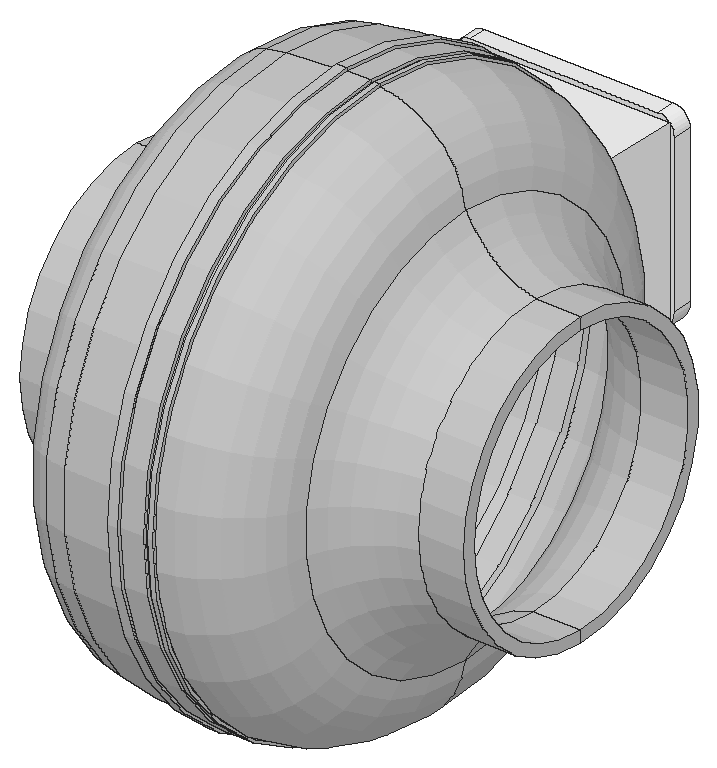
Revit family "CK 125 A AC_7000037", category Mechanical Equipment, Revit 2014
Parameters (values of type "CK 125 A AC")
  Wiring diagram = "4040002"
  Weight = 2.70 kg
  Voltage range = "220-240 / 50/60 V/Hz"
  Voltage = 230 V
  Speed = "1640 rpm"
  Sound pressure level at 3 m = "36 dB(A)"
  Power = 40 W
  Phase = 1
  Max. temperature of transported air when speed controlled = 60 °C
  Max. temperature of transported air = 60 °C
  Main Material = Steel, Galvanized
  Frequency = 50 Hz
  Elevation [instance] = 2721.5 mm
  Diameter = 124 mm
  Current = 0.18 A
  Capacitor = "3 μF"
Reference planes
  plane 1 "Center (Front/Back)": y = 0
  plane 2: z = 0
  plane 3 "Center (Left/Right)": x = 0
  plane 4: z = 2721.5
Dimensions and locks
  "Elevation": plane 2 to plane 4
  aligned and locked: level to plane 2
  aligned and locked: nested 1 to plane 4
  aligned and locked: plane 3 "Center (Left/Right)" to nested 1
  aligned and locked: plane 1 "Center (Front/Back)" to nested 2
  aligned and locked: plane 3 "Center (Left/Right)" to nested 2
Nested families
  nested 1: "CK 125 A AC_CK 125 C ACCK 125 C EC_geometry" at (0, 0, 2600), type "CK 125 A AC_CK 125 C ACCK 125 C EC_geometry"
  nested 2: "Flow direction symbol" at (0, 0, 0), type "Flow direction symbol"
Connectors
  hvac at (-94, 0, 2721.5), driven by "Diameter"
    settings: on nested 1, index 1, duct flow 0.0 L/s, flow factor 0, pres drop 0.0 Pa, loss coef 0, conn angle 0.00°, conn width 304.8 mm, conn height 304.8 mm, conn diameter 124 mm, duct sys type 1, conn prof type 0, flow config 0, flow direction 1, loss method 0, conn ref index -1, conn util no, is conn primary yes, conn desc ""
  hvac at (94, 0, 2721.5), driven by "Diameter"
    settings: on nested 1, index 2, duct flow 0.0 L/s, flow factor 0, pres drop 0.0 Pa, loss coef 0, conn angle 0.00°, conn width 304.8 mm, conn height 304.8 mm, conn diameter 124 mm, duct sys type 3, conn prof type 0, flow config 0, flow direction 2, loss method 0, conn ref index -1, conn util no, is conn primary no, conn desc ""
  electrical at (-34.442, 159.662, 2722.509), driven by "Phase", driven by "Voltage"
    settings: on nested 1, index 3, voltage 230 V, apparent load 0 VA, apparent load phase1 0 VA, apparent load phase2 0 VA, apparent load phase3 0 VA, power factor 1, load classification "Other", number of poles 1, system type 31, power factor state 1, is connector primary yes, connector utility no, sub classification motor no, connector description ""
Definition of nested family "CK 125 A AC_CK 125 C ACCK 125 C EC_geometry"
  Parameters (values of type "CK 125 A AC_CK 125 C ACCK 125 C EC_geometry")
    Main Material = Steel, Galvanized
  Reference planes
    plane 1 "Center (Front/Back)": y = 0
    plane 2: z = 0
    plane 3 "Center (Left/Right)": x = 0
    plane 4: z = 121.5
    plane 5: y = 159.662
    plane 6: y = 121.5
    plane 7: y = -121.5
    plane 8: x = -94
    plane 9: x = 94
    plane 10: z = 243
  Forms (mm)
    Revolve 1, solid, material "Steel, Galvanized" <- "Main Material", detail levels medium+fine
      sketch origin (0, 0, 0) x (-1, 0, 0) y (0, 0, -1)
        loop
          line (-94, -121.5) -> (94, -121.5) -> (94, -59.5) -> (72.757, -59.5)
          arc (72.757, -59.5) -> (69.865, -58.302) -> (68.667, -55.411) r 4.089
          arc (68.667, -55.411) -> (67.866, -52.064) -> (65.634, -49.444) r 7.385
          arc (65.634, -49.444) -> (60.661, -43.893) -> (58.383, -36.796) r 17.877
          arc (58.383, -36.796) -> (56.911, -27.605) -> (54.381, -18.648) r 79.973
          arc (54.381, -18.648) -> (48.574, -9.742) -> (39.265, -4.604) r 21.974
          arc (39.265, -4.604) -> (34.93, -3.639) -> (30.531, -3.031) r 54.355
          line (30.531, -3.031) -> (9.341, -1.921) -> (9.341, 0) -> (5.015, 0) -> (5.015, -1.029) -> (-4.985, -1.029) -> (-4.985, -2.121) -> (-6.81, -2.121) -> (-6.81, -1.029) -> (-8.834, -1.029) -> (-8.834, -2.121)
          arc (-8.834, -2.121) -> (-33.321, -12.518) -> (-45.401, -36.22) r 38.903
          arc (-45.401, -36.22) -> (-57.353, -51.26) -> (-74.707, -59.5) r 42.496
          line (-74.707, -59.5) -> (-94, -59.5) -> (-94, -121.5)
        axis (-94, -121.5) -> (94, -121.5)
      angle from 0 to 360
    Extrusion 2, solid, material "Plastic", detail levels medium+fine
      sketch origin (0, 0, 0) x (-1, 0, 0) y (0, 0, -1)
        loop
          arc (74.266, -163.259) -> (79.215, -161.209) -> (81.266, -156.259) r 7
          line (81.266, -156.259) -> (81.266, -90.259)
          arc (81.266, -90.259) -> (78.337, -83.188) -> (71.266, -80.259) r 10
          line (71.266, -80.259) -> (-2.382, -80.259)
          arc (-2.382, -80.259) -> (-9.453, -83.188) -> (-12.382, -90.259) r 10
          line (-12.382, -90.259) -> (-12.382, -156.259)
          arc (-12.382, -156.259) -> (-10.332, -161.209) -> (-5.382, -163.259) r 7
          line (-5.382, -163.259) -> (74.266, -163.259)
      from -159.662 to -151.628
    Extrusion 3, solid, material "Plastic", detail levels medium+fine
      sketch origin (0, 0, 0) x (0, 1, 0) y (0, 0, -1)
        loop
          line (118.852, -161.259) -> (151.628, -161.259) -> (151.628, -81.741) -> (118.852, -81.741) -> (118.852, -161.259)
      from -10.4 to 79.3
    Revolve 4, solid, material "Steel, Galvanized" <- "Main Material", detail levels coarse
      sketch origin (0, 0, 0) x (-1, 0, 0) y (0, 0, -1)
        loop
          line (-94, -121.5) -> (94, -121.5) -> (94, -59.5) -> (73.047, -59.5)
          arc (73.047, -59.5) -> (67.031, -57.553) -> (63.295, -52.451) r 10.271
          line (63.295, -52.451) -> (55.682, -21.92)
          arc (55.682, -21.92) -> (49.189, -10.123) -> (37.71, -3.085) r 26.305
          arc (37.71, -3.085) -> (28.61, -0.967) -> (19.317, 0) r 74.822
          arc (19.317, 0) -> (-1.145, -0.512) -> (-21.359, -3.723) r 154.558
          arc (-21.359, -3.723) -> (-34.11, -10.768) -> (-41.146, -23.524) r 26.267
          arc (-41.146, -23.524) -> (-52.509, -45.627) -> (-73.129, -59.5) r 49.87
          line (-73.129, -59.5) -> (-94, -59.5) -> (-94, -121.5)
        axis (-94, -121.5) -> (94, -121.5)
      angle from 0 to 360
    Revolve 5, void
      sketch origin (0, 0, 0) x (-1, 0, 0) y (0, 0, -1)
        loop
          line (-94, -121.5) -> (94, -121.5) -> (94, -64.5) -> (72.757, -64.5)
          arc (72.757, -64.5) -> (66.33, -61.838) -> (63.667, -55.411) r 9.089
          arc (63.667, -55.411) -> (63.409, -54.33) -> (62.688, -53.484) r 2.385
          arc (62.688, -53.484) -> (56.323, -46.38) -> (53.408, -37.298) r 22.877
          arc (53.408, -37.298) -> (52.028, -28.682) -> (49.657, -20.284) r 74.973
          arc (49.657, -20.284) -> (45.171, -13.405) -> (37.98, -9.437) r 16.974
          arc (37.98, -9.437) -> (34.097, -8.57) -> (30.156, -8.019) r 49.355
          line (30.156, -8.019) -> (9.079, -6.914) -> (5.015, -6.029) -> (-4.985, -6.029) -> (-8.571, -7.114)
          arc (-8.571, -7.114) -> (-30.187, -16.435) -> (-40.523, -37.586) r 33.903
          arc (-40.523, -37.586) -> (-54.124, -55.08) -> (-74.182, -64.5) r 47.496
          line (-74.182, -64.5) -> (-94, -64.5) -> (-94, -121.5)
        axis (94, -121.5) -> (-94, -121.5)
      angle from 0 to 360
  Cuts and joins
    Revolve 5 cuts Revolve 1
  Dimensions and locks
    aligned and locked: level to plane 2
Definition of nested family "Flow direction symbol"
  Parameters (values of type "Flow direction symbol")
    Warning = "!"
    Text = "DIMENSIONS OVERCONSTRAINT"
  Reference planes
    plane 1: y = 0
    plane 2: x = 0
  Lines and regions (mm)
    detail lines
      curve 1: line (-0.506, 0.877, 0) -> (-0.506, -0.877, 0)
      curve 2: line (1.012, 0, 0) -> (-0.506, -0.877, 0)
      curve 3: line (-0.506, 0.877, 0) -> (1.012, 0, 0)
      curve 4: circle (0, 0, 0) r 1 normal (0, 0, 1)
